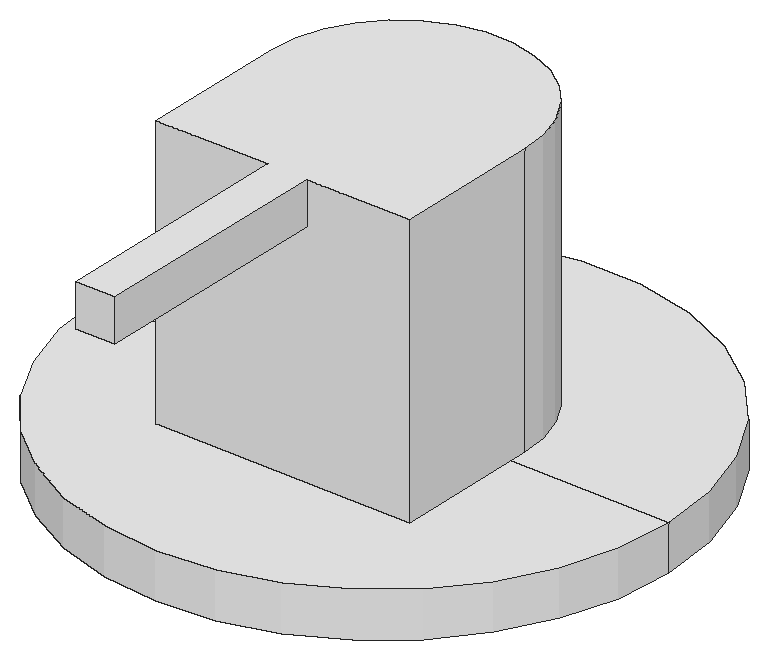
Revit family "Triple_Diverter_Trim-Grohe-29222_Series", category Plumbing Fixtures, host Face, Revit 2018
Family settings
  Host = Face
  Round Connector Dimension = Use Diameter
  Part Type = Normal
  OmniClass Number = 23.45.05.14.17
  OmniClass Title = Showers
  Cut with Voids When Loaded = No
  Shared = Yes
  Room Calculation Point = No
Parameters (values of type "29222003")
  Width = 2 3/16"
  Waste Connection = no
  Warranty Information = "Limited lifetime Warranty"  # constant formula
  WFU = 4  # constant formula
  Vent Connection = no
  URL = "https://www.grohe.ca/"
  Type Comments = ""
  Product Page URL = "https://www.grohe.us/Bath-Shower-Trim-Kits/3-Way-Diverter-Trim/GROHE-CHROME-29222003"
  Product Documentation Link = "https://americanstandard.box.com/shared/static/r7fq48nwugt1u8ju9cf3rstqg7e612fh.pdf"
  Price = "Prices may vary. Please consult Manufacturer Representative for most up-to-date price list."  # constant formula
  Model = "29222003"
  Material = "Metal-Grohe-003-Starlight Chrome"
  Manufacturer = "Grohe"
  Length = 4 1/2"
  Installation Type = "Wall Mounted"  # constant formula
  IAPMO Compliance = ""
  Height = 4 1/2"
  HWFU = 3  # constant formula
  HW Connection = yes
  Flow rate = "1.75 gpm"  # constant formula
  Description = "3-Way Diverter Trim"  # constant formula
  Default Elevation = 0"
  Creation Date = "03/25/2021"  # constant formula
  CWFU = 3  # constant formula
  CW Connection = yes
  Body Material = Metal-Grohe-003-Starlight Chrome
  Assembly Code = "D2020300"
Types (3): name | Product Page URL | Model | Material | Body Material
  (no name) | "https://www.grohe.us/Bath-Shower-Trim-Kits/3-Way-Diverter-Trim/GROHE-CHROME-29222003" | "29222003" | "Metal-Grohe-003-Starlight Chrome" | Metal-Grohe-003-Starlight Chrome
  29222EN3 | "https://www.grohe.us/Bath-Shower-Trim-Kits/3-Way-Diverter-Trim/GROHE-BRUSHED-NICKEL-29222EN3" | "29222EN3" | "Metal-Grohe-EN3-Brushed_Nickel Infinity Finish" | Metal-Grohe-EN3-Brushed Nickel Infinity Finish
  29222003 | "https://www.grohe.us/Bath-Shower-Trim-Kits/3-Way-Diverter-Trim/GROHE-CHROME-29222003" | "29222003" | "Metal-Grohe-003-Starlight Chrome" | Metal-Grohe-003-Starlight Chrome
Reference planes (in)
  plane 1 "Center (Front/Back)": y = 0
  plane 2: z = 0
  plane 3 "Center (Left/Right)": x = 0
  plane 4: y = 1.96875
  plane 5: y = -1.96875
  plane 6: y = -2.53125
  plane 7: x = -1.96875
  plane 8: x = 1.96875
  plane 9: z = 0.3125
  plane 10: z = 2.1875
  plane 11: x = -2.53125
  plane 12: z = -2.375
Forms (in)
  Revolve 1, solid, material "Metal-Grohe-003-Starlight Chrome" <- "Body Material"
    sketch origin (0, 0, 0) x (1, 0, 0) y (0, 0, 1)
      loop
        line (0, 0) -> (0, 0.3125) -> (-1.96875, 0.3125) -> (-1.96875, 0) -> (0, 0)
      axis (0, 0) -> (0, 0.3125)
    angle from 0 to 360
  Extrusion 2, solid, material "Metal-Grohe-003-Starlight Chrome" <- "Body Material"
    sketch origin (0, 0, 0) x (1, 0, 0) y (0, 1, 0)
      loop
        line (-0.875, -0.87309) -> (0.875, -0.87309) -> (0.875, 0.12691)
        arc (0.875, 0.12691) -> (0, 1.00191) -> (-0.875, 0.12691) r 0.875
        line (-0.875, 0.12691) -> (-0.875, -0.87309)
    from 0.3125 to 2.1875
  Extrusion 3, solid, material "Metal-Grohe-003-Starlight Chrome" <- "Body Material"
    sketch origin (0, 0, 0) x (1, 0, 0) y (0, 1, 0)
      loop
        line (0.16624, -2.53125) -> (0.16624, -0.87309) -> (-0.10628, -0.87309) -> (-0.10628, -2.53125) -> (0.16624, -2.53125)
    from 1.89782 to 2.1875
Cuts and joins
  joined: Extrusion 2, Extrusion 3
Lines and regions (in)
  Masking region 1
    outline origin (0, 0, 0) x (1, 0, 0) y (0, 0, 1)
      loop
        line (0.875, 2.1875) -> (-0.875, 2.1875) -> (-0.875, 0.3125) -> (-1.96875, 0.3125) -> (-1.96875, 0) -> (1.96875, 0) -> (1.96875, 0.3125) -> (0.875, 0.3125) -> (0.875, 2.1875)
  symbolic lines, detail levels medium+fine
    curve 1: line (0.875, 0, 0.3125) -> (-0.875, 0, 0.3125)
Dimensions and locks (in)
  "Width": host face to plane 10
  "Height": plane 8 to plane 11
  plane 12 to level = 2 3/8"
  aligned and locked: plane 2 to host face
  aligned and locked: level to host face
  aligned and locked: plane 7 to Revolve 1 sketch curve
  aligned and locked: Revolve 1 sketch curve to plane 3 "Center (Left/Right)"
  aligned and locked: level to Revolve 1 sketch curve
  aligned and locked: Extrusion 2 to plane 10
  aligned and locked: plane 9 to Extrusion 2
  aligned and locked: Extrusion 2 to Extrusion 3 sketch curve
Automatic sketch dimensions
  host sketch curve to host sketch curve = 96"  (x2)
  Extrusion 2 sketch curve to plane 3 "Center (Left/Right)" = 0"
  Extrusion 2 sketch curve to plane 3 "Center (Left/Right)" = 7/8"
  plane 1 "Center (Front/Back)" to Extrusion 2 sketch curve = 0.87309"
  Extrusion 2 sketch curve to plane 1 "Center (Front/Back)" = 0.12691"
  plane 6 to Extrusion 3 sketch curve = 0"
  Extrusion 3 sketch curve to plane 3 "Center (Left/Right)" = 0.10628"
  plane 3 "Center (Left/Right)" to Extrusion 3 sketch curve = 0.16624"
  Revolve 1 sketch curve to plane 3 "Center (Left/Right)" = 0"
  Revolve 1 sketch curve to plane 9 = 0"
  Revolve 1 sketch curve to plane 10 = 1 1/4"
  Revolve 1 sketch curve to Revolve 1 sketch curve = 3/4"
  Masking region 1 sketch curve to level = 0"
  Masking region 1 sketch curve to plane 7 = 0"
  Masking region 1 sketch curve to plane 9 = 0"  (x2)
  Masking region 1 sketch curve to plane 10 = 0"
  Masking region 1 sketch curve to plane 8 = 0"
  Masking region 1 sketch curve to plane 3 "Center (Left/Right)" = 7/8"
  plane 3 "Center (Left/Right)" to Masking region 1 sketch curve = 7/8"
  curve 1 to plane 9 = 0"
  curve 1 to plane 3 "Center (Left/Right)" = 7/8"
  plane 3 "Center (Left/Right)" to curve 1 = 7/8"
